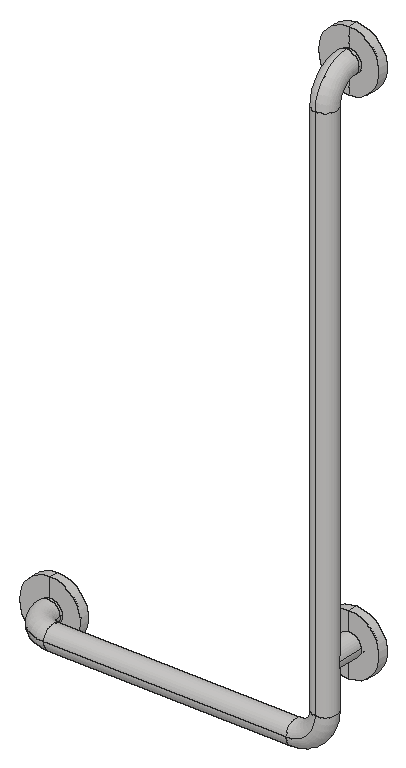
Revit family
Parameters
  Weight Limit = 0
  Warranty Duration (Years) = 0
  Unit Weight = 2.85
  Unit Length = 1' - 4"
  Unit Height = 2' - 8"
  URL = "http://www.pontegiulio.com"
  Trim Radius = 0' - 1 5/8"
  Support Offset_Vertical = 2' - 4"
  Specification = "http://www.arcat.com/sd/clients/pontegiu.html?coid=43483"
  Send Message = "http://www.arcat.com/users.pl?action=UserEmail&company=Ponte%20Giulio&coid=43483&rep=132&fax=877-766-8306&mf="
  Sales Information = "http://www.pontegiulio.it/us/info.php"
  Revision = "R1_01-2010"
  Return Radius = 0' - 1 9/16"
  Product Properties = "http://www.pgdb.it/schede/us/G55JBxN119_us.pdf"
  Product Data = "http://www.arcat.com/arcatcos/cos43/arc43483.html"
  Model = "Grab Bar as Specified in 10 28 13"
  Manufacturer's Notes = ""
  Manufacturer Website = "http://www.pontegiulio.com"
  Manufacturer Phone - Toll Free = "877-766-8301 "
  Manufacturer Fax = "877-766-8306"
  Manufacturer Address = "W241 S4021 Rockwood Circle, Waukesha, WI 53189"
  Manufacturer = "Ponte Giulio"
  Maintenance Schedule (Months) = 0
  Keynote = "10 28 13"
  Installation-Fabrication = ""
  Installation Phase = ""
  Green Building-LEED = "http://www.arcat.com/green/clients/leed_data_43483.html"
  Expected Lifespan (Years) = 0
  Drawn By = "Robert S. Weygant, CSI, CDT, SCIP"
  Diameter = 0' - 1 1/4"
  Description = "Grab Bar as Specified in 10 28 13"
  Default Elevation = 4' - 0"
  Copyright = "2010 ARCAT, Inc"
  Construction Details = ""
  Clear Space From Wall = 0' - 1 1/2"
  Building Codes = ""
  Bath Fixture Material [instance] = Colour - Satin Stainless Steel
  Assembly Code = "C1030200"
  AK_G55JCxN138 Visibility = no
  AK_G55JBxN119 Visibility = yes
Reference planes (in)
  plane 1 "Center (Front/Back)": y = 0
  plane 2: z = 0
  plane 3 "Center (Left/Right)": x = 0
  plane 4 "CL 2": z = 11.29418
  plane 5 "Vertical Spacing": z = 43.29418
  plane 6 "Horizontal Spacing": x = -16
  plane 7: z = 15.29418
  plane 8: y = -1.5
  plane 9: y = -2.125
  plane 10: y = -16
  plane 11: z = 5
Forms (in)
  Extrusion 1, solid, material "Colour - Satin Stainless Steel" <- "Bath Fixture Material", visible <- "AK_G55JBxN119 Visibility"
    sketch origin (-24, -2.125, 11.29418) x (-1, 0, 0) y (0, 0, -1)
      loop
        circle (-24, -4) r 0.625
    from -2.125 to 0
  Revolve 2, solid, material "Colour - Satin Stainless Steel" <- "Bath Fixture Material", visible <- "AK_G55JBxN119 Visibility"
    sketch origin (-16, 0, 11.29418) x (0, 0, 1) y (0, 1, 0)
      loop
        line (0, 0) -> (0, -0.5) -> (1.625, -0.5) -> (1.625, 0) -> (0, 0)
      axis (0, -0.5) -> (0, 0)
    angle from 0 to 360
  Revolve 3, solid, material "Colour - Satin Stainless Steel" <- "Bath Fixture Material"
    sketch origin (0, 0, 35.29418) x (0, 0, 1) y (0, 1, 0)
      loop
        line (8, 0) -> (8, -0.5) -> (9.625, -0.5) -> (9.625, 0) -> (8, 0)
      axis (8, -0.5) -> (8, 0)
    angle from 0 to 360
  Revolve 4, solid, material "Colour - Satin Stainless Steel" <- "Bath Fixture Material", visible <- "AK_G55JBxN119 Visibility"
    sketch origin (0, 0, 17.29418) x (0, 0, 1) y (0, 1, 0)
      loop
        line (-2, 0) -> (-2, -0.5) -> (-0.375, -0.5) -> (-0.375, 0) -> (-2, 0)
      axis (-2, -0.5) -> (-2, 0)
    angle from 0 to 360
  Sweep 5, solid, material "Colour - Satin Stainless Steel" <- "Bath Fixture Material", visible <- "AK_G55JBxN119 Visibility"
    path in 3D
      loop
        line (0, 0, 43.29418) -> (0, -0.65625, 43.29418)
        arc (0, -0.65625, 43.29418) -> (0, -1.69481, 42.864) -> (0, -2.125, 41.82543) r 1.46875
        line (0, -2.125, 41.82543) -> (0, -2.125, 12.85668)
        arc (0, -2.125, 12.85668) -> (-0.45765, -2.125, 11.75183) -> (-1.5625, -2.125, 11.29418) r 1.5625
        line (-1.5625, -2.125, 11.29418) -> (-14.53125, -2.125, 11.29418)
        arc (-14.53125, -2.125, 11.29418) -> (-15.56981, -1.69481, 11.29418) -> (-16, -0.65625, 11.29418) r 1.46875
        line (-16, -0.65625, 11.29418) -> (-16, 0, 11.29418)
    profile origin (-16, -0.32812, 11.29418) x (-1, 0, 0) y (0, 0, 1)
      loop
        circle (0, 0) r 0.625
  Sweep 6, solid, material "Colour - Satin Stainless Steel" <- "Bath Fixture Material", visible <- "AK_G55JCxN138 Visibility"
    path origin (0, 0, 0) x (0, 1, 0) y (0, 0, 1)
      loop
        line (0, 43.29418) -> (-14.4375, 43.29418)
        arc (-14.4375, 43.29418) -> (-15.54235, 42.83654) -> (-16, 41.73168) r 1.5625
        line (-16, 41.73168) -> (-16, 0)
    profile origin (0, -7.21875, 43.29418) x (0, 0, -1) y (1, 0, 0)
      loop
        circle (0, 0) r 0.625
  Revolve 7, solid, material "Colour - Satin Stainless Steel" <- "Bath Fixture Material", visible <- "AK_G55JCxN138 Visibility"
    sketch origin (0, -16, 5) x (0, 1, 0) y (0, 0, -1)
      loop
        line (0, 0) -> (0, -0.5) -> (1.625, -0.5) -> (1.625, 0) -> (0, 0)
      axis (0, -0.5) -> (0, 0)
    angle from 0 to 360
Lines and regions (in)
  model lines
    curve 1: arc (0, -0.65625, 43.29418) -> (0, -1.69481, 42.864) -> (0, -2.125, 41.82543) r 1.46875
    curve 2: line (0, 0, 43.29418) -> (0, -0.65625, 43.29418)
    curve 3: line (0, -2.125, 41.82543) -> (0, -2.125, 12.85668)
    curve 4: line (-1.5625, -2.125, 11.29418) -> (-14.4375, -2.125, 11.29418)
    curve 5: arc (-1.5625, -2.125, 11.29418) -> (-0.45765, -2.125, 11.75183) -> (0, -2.125, 12.85668) r 1.5625
    curve 6: line (-16, -0.65625, 11.29418) -> (-16, 0, 11.29418)
    curve 7: arc (-16, -0.65625, 11.29418) -> (-15.56981, -1.69481, 11.29418) -> (-14.53125, -2.125, 11.29418) r 1.46875
  sketch lines
    curve 8: line (-16, -0.65625, 11.29418) -> (-16, 0, 11.29418)
    curve 9: arc (-16, -0.65625, 11.29418) -> (-15.56981, -1.69481, 11.29418) -> (-14.53125, -2.125, 11.29418) r 1.46875
    curve 10: line (-1.5625, -2.125, 11.29418) -> (-14.53125, -2.125, 11.29418)
    curve 11: arc (-1.5625, -2.125, 11.29418) -> (-0.45765, -2.125, 11.75183) -> (0, -2.125, 12.85668) r 1.5625
    curve 12: line (0, -2.125, 41.82543) -> (0, -2.125, 12.85668)
    curve 13: arc (0, -0.65625, 43.29418) -> (0, -1.69481, 42.864) -> (0, -2.125, 41.82543) r 1.46875
    curve 14: line (0, 0, 43.29418) -> (0, -0.65625, 43.29418)
Dimensions and locks (in)
  Extrusion 1 sketch curve to Extrusion 1 sketch curve = 0' - 1 1/4"
  Revolve 2 sketch curve to Revolve 2 sketch curve = 0' - 0 1/2"
  "Unit Length": plane 3 "Center (Left/Right)" to plane 6 "Horizontal Spacing"
  "Unit Height": plane 5 "Vertical Spacing" to plane 4 "CL 2"
  Revolve 3 sketch curve to Revolve 3 sketch curve = 0' - 0 1/2"
  Revolve 4 sketch curve to Revolve 4 sketch curve = 0' - 0 1/2"
  "Support Offset_Vertical": plane 5 "Vertical Spacing" to plane 7
  "Clear Space From Wall": plane 8 to plane 1 "Center (Front/Back)"
  "Diameter": Sweep 5 sketch curve to Sweep 5 sketch curve
  locked: plane 8 to plane 9 at 0.625
  "Unit Length": plane 1 "Center (Front/Back)" to plane 10
  "Diameter": Sweep 6 sketch curve to Sweep 6 sketch curve
  Revolve 7 sketch curve to Revolve 7 sketch curve = 0' - 0 1/2"
  locked: plane 11 to level at 5
  plane 5 "Vertical Spacing" to plane 11 = 3' - 2.29418"
  aligned and locked: plane 1 "Center (Front/Back)" to Revolve 2 sketch curve
  aligned and locked: Revolve 2 sketch curve to Revolve 2 sketch curve
  aligned and locked: Revolve 2 sketch curve to plane 4 "CL 2"
  aligned and locked: plane 6 "Horizontal Spacing" to Revolve 2
  aligned and locked: Revolve 3 sketch curve to Revolve 3 sketch curve
  aligned and locked: plane 1 "Center (Front/Back)" to Revolve 3 sketch curve
  aligned and locked: plane 5 "Vertical Spacing" to Revolve 3 sketch curve
  aligned and locked: Revolve 4 sketch curve to Revolve 4 sketch curve
  aligned and locked: profile plane to Sweep 5 sketch curve
  aligned and locked: Extrusion 1 to plane 9
  aligned and locked: Extrusion 1 to plane 1 "Center (Front/Back)"
  aligned and locked: Revolve 7 sketch curve to Revolve 7 sketch curve
  aligned and locked: plane 11 to Revolve 7 sketch curve
  aligned and locked: Revolve 7 sketch curve to plane 10
Automatic sketch dimensions
  curve 3 to plane 9 = 0' - 0"
  curve 2 to plane 5 "Vertical Spacing" = 0' - 0"
  curve 2 to plane 1 "Center (Front/Back)" = 0' - 0"
  plane 1 "Center (Front/Back)" to curve 2 = 0' - 0 21/32"
  plane 4 "CL 2" to curve 3 = 0' - 1 9/16"
  Extrusion 1 sketch curve to Extrusion 1 sketch curve = 0' - 0"  (x2)
  Extrusion 1 sketch curve to plane 7 = 0' - 0"
  Extrusion 1 sketch curve to plane 3 "Center (Left/Right)" = 0' - 0"
  Revolve 2 sketch curve to Revolve 2 sketch curve = 0' - 1 5/8"
  Revolve 2 sketch curve to plane 10 = 7' - 2.65632"
  Revolve 2 sketch curve to plane 1 "Center (Front/Back)" = 2' - 0"
  Revolve 3 sketch curve to plane 5 "Vertical Spacing" = 0' - 1 5/8"
  Revolve 3 sketch curve to plane 10 = 7' - 2.65632"
  Revolve 3 sketch curve to Revolve 3 sketch curve = 2' - 0"
  Revolve 4 sketch curve to plane 7 = 0' - 0"
  Revolve 4 sketch curve to plane 1 "Center (Front/Back)" = 0' - 0"
  Revolve 4 sketch curve to Revolve 4 sketch curve = 0' - 1 5/8"
  Revolve 4 sketch curve to plane 10 = 7' - 2.65632"
  Revolve 4 sketch curve to Revolve 4 sketch curve = 2' - 0"
  curve 4 to plane 4 "CL 2" = 0' - 0"
  curve 5 to plane 3 "Center (Left/Right)" = 0' - 0"
  plane 4 "CL 2" to curve 5 = 0' - 1 9/16"
  curve 4 to plane 6 "Horizontal Spacing" = 0' - 1 9/16"
  curve 7 to plane 9 = 0' - 0"
  curve 7 to plane 6 "Horizontal Spacing" = 0' - 0"
  curve 6 to plane 1 "Center (Front/Back)" = 0' - 0"
  curve 7 to plane 6 "Horizontal Spacing" = 0' - 1 15/32"
  Sweep 5 sketch curve to Sweep 5 sketch curve = 0' - 0"
  Sweep 5 sketch curve to profile plane = 0' - 0"
  Sweep 6 sketch curve to level = 0' - 0"
  Sweep 6 sketch curve to plane 10 = 0' - 0"
  Sweep 6 sketch curve to plane 5 "Vertical Spacing" = 0' - 0"
  Sweep 6 sketch curve to plane 1 "Center (Front/Back)" = 0' - 0"
  plane 5 "Vertical Spacing" to Sweep 6 sketch curve = 0' - 1 9/16"
  Sweep 6 sketch curve to Sweep 6 sketch curve = 0' - 0"  (x2)
  Sweep 6 sketch curve to profile plane = 0' - 0"
  Sweep 6 sketch curve to plane 3 "Center (Left/Right)" = 0' - 0"
  plane 10 to Revolve 7 sketch curve = 0' - 1 5/8"
  Revolve 7 sketch curve to plane 5 "Vertical Spacing" = 5' - 4.36214"
  Revolve 7 sketch curve to level = 1' - 7"
